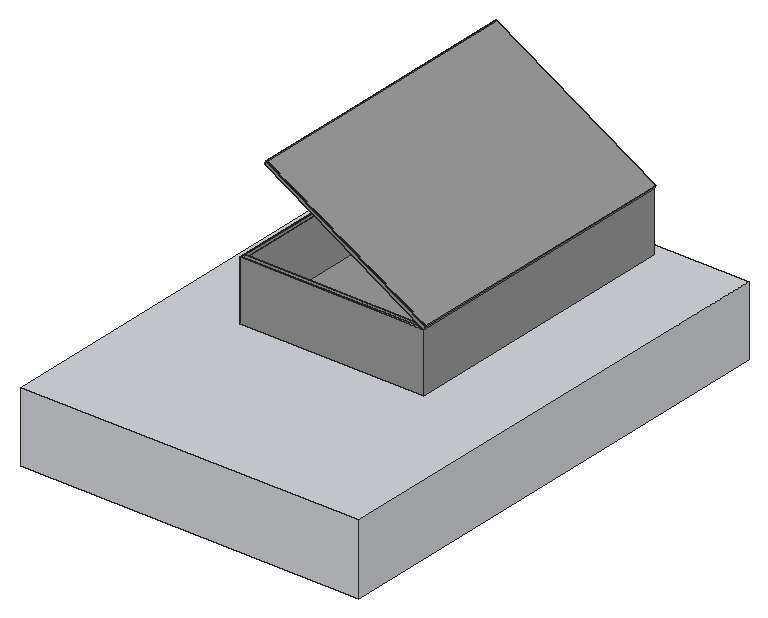
Revit family "Hager-Univers-IP55-D275-H1250-Cl.I-Steel_encl-DE-de", category Equipement électrique, Revit 2020
Family settings
  Hôte = Face
  Configuration du panneau = Deux colonnes, circuits au sein
  Cote de connecteur circulaire = Utiliser le diamètre
  Type d'élément = Tableau de raccordement
  Couper avec des vides une fois chargée = Non
  Partagée = Non
  Point de calcul de pièce = Non
Parameters (values of type "Aufputz IP55 B800 H1250 T275  - FR83E")
  Width Control [instance] = if([EF000008 - Breite] > Min Width, [EF000008 - Breite], Min Width)  # 800 mm
  Commentaires du type = [HG000003 - Bereich]  # "Univers"
  Thickness Door [instance] = if([EF009171 - Materialstärke Tür/Deckel] > 3 mm, 3 mm, [EF009171 - Materialstärke Tür/Deckel])  # 1.5 mm
  Seal Frame Offset [instance] = 17 mm  # constant formula
  Plinth Visibility [instance] = [HG000027 - Sockelhöhe] > 0 mm  # no
  Model = ""
  Min Width [instance] = 100 mm  # constant formula
  Min Height [instance] = 100 mm  # constant formula
  Min Depth [instance] = (2 * [EF009170 - Materialstärke Gehäuse]) + 1 mm  # 4 mm
  Internal Frame Depth [instance] = (Door System Depth * 0.5)  # 9 mm
  Height Control [instance] = if([EF000040 - Höhe] > Min Height, [EF000040 - Höhe], Min Height)  # 1250 mm
  HG000027 - Sockelhöhe = 0 mm
  HG000026 - Stehend auf dem Boden = no
  HG000024 - Höhe des unteren Teils = 800 mm
  HG000023 - Gehäuse mit doppeltem Querschnitt = no
  HG000016 - 3D-Türsichtbarkeit [instance] = yes
  HG000015 - Sichtbarkeit der Türöffnung [instance] = no
  HG000014 - Tür rechts [instance] = yes
  HG000013 - Tür links [instance] = not([HG000014 - Tür rechts])  # no
  HG000012 - Türschwenkwinkel [instance] = 30.00°
  HG000010 - Asymmetrische Türen = no
  HG000009 - Doppelflügeligen Tür = no
  HG000006 - Unterputz = no
  HG000004 - Herstellerreferenz = "FR83E"
  HG000003 - Bereich = "Univers"
  HG000002 - Mit tür = yes
  Frame Offset Bottom [instance] = 10 mm  # constant formula
  Frame Offset [instance] = 15 mm  # constant formula
  EF015940 - Deckel mit Überdruckentlastung = no
  EF011959 - Schutzart (NEMA) = ""
  EF009554 - Anzahl der Öffnungen für Flanschplatten = 6
  Fabricant = "Hager"  # constant formula
  EF009212 - Ausführung Deckel = "EV000116 - geschlossen"
  EF009171 - Materialstärke Tür/Deckel = 1.5 mm
  EF009170 - Materialstärke Gehäuse = 1.5 mm
  EF008873 - Nennstrom (In) = 800 A
  EF007800 - Geeignet für Blitzschutz = no
  EF006306 - Mit Schloss = no
  EF006244 - Transparenter Deckel/Tür = no
  EF005474 - Schutzart (IP) = "EV006420 - IP55"
  EF004464 - Art der Tür = "EV002646 - Einzel"
  EF004427 - Anzahl der Module = 288
  EF004293 - Schlagfestigkeit = "EV008784 - IK10"
  EF003532 - Geeignet für Außengebrauch = no
  EF002950 - Breite in Teilungseinheiten = 24
  EF001613 - Funktionserhalt = "EV000494 - ohne"
  EF001596 - Werkstoff des Gehäuses = "EV000179 - Stahl"
  EF001131 - Innentiefe = 275 mm
  EF001088 - Anbaumöglichkeit = yes
  EF000437 - Anzahl der Leitungseinführungen = 6
  EF000339 - Art der Abdeckung = "EV004216 - Tür"
  EF000266 - Anzahl der Reihen = 8
  EF000218 - Einbautiefe = 0 mm
  EF000118 - Mit Montageplatte = no
  EF000116 - RAL-Nummer = "7035"
  EF000049 - Tiefe = 275 mm
  EF000040 - Höhe = 1250 mm
  EF000008 - Breite = 800 mm
  EF000007 - Farbe = "EV000270 - grau"
  EF000003 - Montageart = "EV000384 - Aufputz"
  Door System Leaf Tolerance [instance] = 1.5 mm  # constant formula
  Door System Depth [instance] = 18 mm  # constant formula
  Door Height [instance] = Height Control - [HG000027 - Sockelhöhe]  # 1250 mm
  Depth Control [instance] = if([EF000049 - Tiefe] > Min Depth, [EF000049 - Tiefe], Min Depth)  # 275 mm
  Default Elevation = 0 mm
  Connector Offset [instance] = Height Control / 2  # 625 mm
  Bottom Top Plate Trim [instance] = 1.5 mm  # constant formula
  Plinth height Ctrl [instance] = if([HG000027 - Sockelhöhe] > 0 mm, [HG000027 - Sockelhöhe], 12 mm)  # 12 mm
Types (5, lengths in mm): name | Width Control | HG000010 - Asymmetrische Türen | HG000009 - Doppelflügeligen Tür | HG000004 - Herstellerreferenz | EF009554 - Anzahl der Öffnungen für Flanschplatten | EF004464 - Art der Tür | EF004427 - Anzahl der Module | EF000437 - Anzahl der Leitungseinführungen | EF000008 - Breite
  Aufputz IP55 B1050 H1250 T275  - FR84E | 1050 | no | yes | "FR84E" | 8 | "EV003602 - Doppel" | 384 | 8 | 1050
  Aufputz IP55 B1300 H1250 T275  - FR85E | 1300 | yes | yes | "FR85E" | 10 | "EV003602 - Doppel" | 480 | 10 | 1300
  Aufputz IP55 B300 H1250 T275  - FR81E | 300 | no | no | "FR81E" | 2 | "EV002646 - Einzel" | 96 | 2 | 300
  Aufputz IP55 B550 H1250 T275  - FR82E | 550 | no | no | "FR82E" | 4 | "EV002646 - Einzel" | 192 | 4 | 550
  Aufputz IP55 B800 H1250 T275  - FR83E | 800 | no | no | "FR83E" | 6 | "EV002646 - Einzel" | 288 | 6 | 800
Reference planes
  plane 1 "Center (Front/Back)": y = 0
  plane 2: z = 0
  plane 3 "Center (Left/Right)": x = 0
  plane 4: z = 275
  plane 5: y = 1.5
  plane 6: y = 625
  plane 7: y = 0
  plane 8: y = 1250
  plane 9: z = 0
  plane 10: x = -385
  plane 11: x = 385
  plane 12: x = 383.5
  plane 13: x = -383.5
  plane 14: y = 1248.5
  plane 15: x = -383
  plane 16: x = -400
  plane 17: x = 383
  plane 18: x = 400
  plane 19: x = 398.5
  plane 20: x = -398.5
  plane 21: y = 11.5
  plane 22: y = 1250
  plane 23: y = 1233.5
  plane 24: z = 257
  plane 25: z = 1.5
  plane 26: z = 255.5
  plane 27: z = 273.5
Forms (mm)
  Extrusion 1, solid
    sketch origin (0, 0, 0) x (1, 0, 0) y (0, 1, 0)
      loop
        line (-702.964, 1305) -> (-702.964, -811.445) -> (766.763, -811.445) -> (766.763, 1305) -> (-702.964, 1305)
    from 0 to -304.8
  Extrusion 2, solid, material "Hager_Steel_RAL7035_Light_Grey", visible <- "Plinth Visibility", detail levels medium+fine
    sketch origin (0, 0, 0) x (1, 0, 0) y (0, 1, 0)
      loop
        line (-400, 0) -> (400, 0) -> (400, 12) -> (-400, 12) -> (-400, 0)
    from 0 to 257
  Extrusion 3, solid, material "Hager_Steel_RAL7035_Light_Grey", detail levels medium+fine
    sketch origin (0, 0, 0) x (1, 0, 0) y (0, 1, 0)
      loop
        line (-400, 0) -> (400, 0) -> (400, 1250) -> (-400, 1250) -> (-400, 0)
    from 0 to 257
  Extrusion 4, void
    sketch origin (0, 0, 0) x (1, 0, 0) y (0, 1, 0)
      loop
        line (-398.5, 1.5) -> (398.5, 1.5) -> (398.5, 1248.5) -> (-398.5, 1248.5) -> (-398.5, 1.5)
    from 1.5 to 255.5
  Extrusion 5, void
    sketch origin (-381.607, -4572, 257) x (0, -1, 0) y (-1, 0, 0)
      loop
        line (-4583.5, 1.893) -> (-5805.5, 1.893) -> (-5805.5, -765.107) -> (-4583.5, -765.107) -> (-4583.5, 1.893)
    from 0 to 1.5 <- "EF009170 - Materialstärke Gehäuse"
  Extrusion 6, solid, material "Hager_Steel_RAL7035_Light_Grey", detail levels fine
    sketch origin (0, 0, 257) x (1, 0, 0) y (0, 1, 0)
      loop
        line (-383.5, 1233.5) -> (-383.5, 11.5) -> (383.5, 11.5) -> (383.5, 1233.5) -> (-383.5, 1233.5)
      loop
        line (-385, 10) -> (385, 10) -> (385, 1235) -> (-385, 1235) -> (-385, 10)
    from 0 to 9 <- "Internal Frame Depth"
  Extrusion 7, solid, material "Hager_Steel_RAL7035_Light_Grey", detail levels coarse
    sketch origin (0, 0, 0) x (1, 0, 0) y (0, 1, 0)
      loop
        line (-400, 0) -> (400, 0) -> (400, 1250) -> (-400, 1250) -> (-400, 0)
    from 0 to 275
  Sweep 8, void
    path in 3D
      loop
        line (-400, 12, 0) -> (400, 12, 0) -> (400, 12, 257) -> (-400, 12, 257) -> (-400, 12, 0)
    profile origin (-400, 12, 128.5) x (-1, 0, 0) y (0, -1, 0)
      loop
        line (0, 0) -> (0, 1.5) -> (-1.5, 1.5)
        arc (-1.5, 1.5) -> (-1.061, 0.439) -> (0, 0) r 1.5
Cuts and joins
  Extrusion 4, Extrusion 5 cuts Extrusion 3
  Sweep 8 cuts Extrusion 2
Lines and regions (mm)
  Masking region 1
    outline origin (0, 0, 0) x (1, 0, 0) y (0, 0, 1)
      loop
        line (-400, 275) -> (-400, 0) -> (400, 0) -> (400, 275) -> (-400, 275)
  Masking region 2, detail levels medium+fine
    outline origin (0, 140, 0) x (0, 1, 0) y (0, 0, 1)
      loop
        line (-140, 0) -> (1110, 0) -> (1110, 257) -> (-140, 257) -> (-140, 0)
  Masking region 3, not visible, detail levels medium+fine
    outline origin (0, 297.922, 0) x (0, 1, 0) y (0, 0, 1)
      loop
        line (338.578, 0) -> (378.578, 0) -> (378.578, 263.5)
        arc (378.578, 263.5) -> (375.649, 270.571) -> (368.578, 273.5) r 10
        line (368.578, 273.5) -> (338.578, 273.5) -> (338.578, 0)
  Masking region 4, detail levels coarse
    outline origin (0, 0, 180) x (0, 1, 0) y (0, 0, 1)
      loop
        line (0, -180) -> (1250, -180) -> (1250, 95) -> (0, 95) -> (0, -180)
  Masking region 5, visible <- "Plinth Visibility", detail levels medium+fine
    outline origin (0, 52.24, 12.345) x (0, 0, -1) y (0, 1, 0)
      loop
        line (10.845, -40.24) -> (-243.155, -40.24)
        arc (-243.155, -40.24) -> (-243.594, -41.301) -> (-244.655, -41.74) r 1.5
        line (-244.655, -41.74) -> (-244.655, -52.24) -> (12.345, -52.24) -> (12.345, -41.74)
        arc (12.345, -41.74) -> (11.285, -41.301) -> (10.845, -40.24) r 1.5
  Masking region 6, detail levels medium+fine
    outline origin (-381.607, -4572, 257) x (-1, 0, 0) y (0, -1, 0)
      loop
        line (18.393, -5822) -> (18.393, -4572) -> (-781.607, -4572) -> (-781.607, -5822) -> (18.393, -5822)
  Masking region 7, visible <- "Plinth Visibility", detail levels medium+fine
    outline origin (-381.607, -4727, 257) x (-1, 0, 0) y (0, -1, 0)
      loop
        arc (16.893, -4739) -> (17.332, -4737.939) -> (18.393, -4737.5) r 1.5
        line (18.393, -4737.5) -> (18.393, -4727) -> (-781.607, -4727) -> (-781.607, -4737.5)
        arc (-781.607, -4737.5) -> (-780.546, -4737.939) -> (-780.107, -4739) r 1.5
        line (-780.107, -4739) -> (16.893, -4739)
  Masking region 8, detail levels coarse
    outline origin (-442.548, -4669.526, 257) x (-1, 0, 0) y (0, -1, 0)
      loop
        line (-42.548, -5919.526) -> (-42.548, -4669.526) -> (-842.548, -4669.526) -> (-842.548, -5919.526) -> (-42.548, -5919.526)
  sketch lines
    curve 1: line (-400, 12, 257) -> (-400, 12, 0)
    curve 2: line (400, 12, 257) -> (-400, 12, 257)
    curve 3: line (400, 12, 257) -> (400, 12, 0)
    curve 4: line (-400, 12, 0) -> (400, 12, 0)
Dimensions and locks
  "Depth Control": plane 4 to Extrusion 1
  "HG000027 - Sockelhöhe": plane 1 "Center (Front/Back)" to plane 7
  "EF009170 - Materialstärke Gehäuse": plane 5 to plane 7
  locked: connector elem to plane 3 "Center (Left/Right)"
  equal spacing: plane 8, plane 6, plane 7
  locked: connector elem to plane 6
  "EF009170 - Materialstärke Gehäuse": plane 8 to plane 14
  "EF009170 - Materialstärke Gehäuse": plane 10 to plane 13
  "EF009170 - Materialstärke Gehäuse": plane 12 to plane 11
  "Frame Offset": plane 20 to plane 13
  "Frame Offset": plane 12 to plane 19
  "EF009170 - Materialstärke Gehäuse": plane 16 to plane 20
  "EF009170 - Materialstärke Gehäuse": plane 19 to plane 18
  "Seal Frame Offset": plane 16 to plane 15
  "Seal Frame Offset": plane 17 to plane 18
  "Frame Offset Bottom": plane 21 to plane 5
  "Frame Offset": plane 14 to plane 23
  equal spacing: plane 16, plane 3 "Center (Left/Right)", plane 18
  "Width Control": plane 16 to plane 18
  "EF009170 - Materialstärke Gehäuse": plane 4 to plane 27
  "EF009170 - Materialstärke Gehäuse": plane 24 to plane 26
  "EF009170 - Materialstärke Gehäuse": plane 25 to level
  "Door System Depth": plane 4 to plane 24
  "Height Control": plane 1 "Center (Front/Back)" to Extrusion 7 sketch curve
  "Height Control": Masking region 4 sketch curve to plane 1 "Center (Front/Back)"
  "Height Control": plane 1 "Center (Front/Back)" to plane 22
  "Bottom Top Plate Trim": profile plane to Sweep 8 sketch curve
  "Bottom Top Plate Trim": Sweep 8 sketch curve to profile plane
  "Plinth height Ctrl": plane 1 "Center (Front/Back)" to Extrusion 2 sketch curve
  "Plinth height Ctrl": Masking region 5 sketch curve to plane 1 "Center (Front/Back)"
  "Plinth height Ctrl": plane 1 "Center (Front/Back)" to Masking region 7 sketch curve
  "Thickness Door": Extrusion 6 sketch curve to Extrusion 6 sketch curve  (x3)
  "Thickness Door": cut or joined group of Extrusion 3, Extrusion 4, Extrusion 5 to Extrusion 6 sketch curve
  radius of Masking region 3 sketch curve = 10 mm
  "Bottom Top Plate Trim": radius of Masking region 5 sketch curve  (x2)
  "Bottom Top Plate Trim": radius of Sweep 8 sketch curve
  "Bottom Top Plate Trim": radius of Masking region 7 sketch curve  (x2)
  aligned and locked: plane 2 to Extrusion 1
  aligned and locked: level to Extrusion 1
  aligned and locked: level to Masking region 1 sketch curve
  aligned and locked: Masking region 1 sketch curve to plane 18
  aligned and locked: Masking region 1 sketch curve to plane 16
  aligned and locked: plane 7 to Masking region 2 sketch curve
  aligned and locked: level to Masking region 3 sketch curve
  aligned and locked: Masking region 3 sketch curve to plane 27
  aligned and locked: level to Masking region 2 sketch curve
  aligned and locked: plane 1 "Center (Front/Back)" to Extrusion 2 sketch curve
  aligned and locked: Extrusion 3 sketch curve to plane 7
  aligned and locked: plane 16 to Extrusion 3 sketch curve
  aligned and locked: plane 18 to Extrusion 3 sketch curve
  aligned and locked: plane 20 to Extrusion 4 sketch curve
  aligned and locked: plane 19 to Extrusion 4 sketch curve
  aligned and locked: Extrusion 4 sketch curve to plane 5
  aligned and locked: Extrusion 4 to plane 25
  aligned and locked: plane 26 to Extrusion 4
  aligned and locked: plane 24 to Extrusion 3
  aligned and locked: Extrusion 5 sketch curve to plane 21
  aligned and locked: Extrusion 5 sketch curve to plane 13
  aligned and locked: Extrusion 5 sketch curve to plane 12
  aligned and locked: plane 18 to Extrusion 7 sketch curve
  aligned and locked: plane 1 "Center (Front/Back)" to Extrusion 7 sketch curve
  aligned and locked: plane 16 to Extrusion 7 sketch curve
  aligned and locked: plane 4 to Extrusion 7
  aligned and locked: Extrusion 7 to level
  aligned and locked: level to Masking region 4 sketch curve
  aligned and locked: Masking region 4 sketch curve to plane 1 "Center (Front/Back)"
  aligned and locked: Masking region 4 sketch curve to plane 4
  aligned and locked: nested 1 to level
  aligned and locked: nested 1 to plane 16
  aligned and locked: plane 8 to Extrusion 3 sketch curve
  aligned and locked: plane 23 to Extrusion 5 sketch curve
  aligned and locked: plane 14 to Extrusion 4 sketch curve
  aligned and locked: Masking region 2 sketch curve to plane 8
  aligned and locked: level to Masking region 5 sketch curve
  aligned and locked: plane 16 to Extrusion 2 sketch curve
  aligned and locked: plane 18 to Extrusion 2 sketch curve
  aligned and locked: Masking region 5 sketch curve to plane 24
  aligned and locked: Masking region 2 sketch curve to plane 24
  aligned and locked: plane 24 to Extrusion 2
  aligned and locked: profile plane to Sweep 8 sketch curve  (x2)
  aligned and locked: Masking region 6 sketch curve to plane 18
  aligned and locked: Masking region 6 sketch curve to plane 22
  aligned and locked: Masking region 6 sketch curve to plane 16
  aligned and locked: plane 8 to plane 22
  aligned and locked: Masking region 6 sketch curve to plane 7
  aligned and locked: Masking region 7 sketch curve to plane 16
  aligned and locked: Masking region 7 sketch curve to plane 1 "Center (Front/Back)"
  aligned and locked: Masking region 7 sketch curve to plane 18
  aligned and locked: Masking region 8 sketch curve to plane 1 "Center (Front/Back)"
  aligned and locked: Masking region 8 sketch curve to plane 18
  aligned and locked: Masking region 8 sketch curve to plane 22
  aligned and locked: Masking region 8 sketch curve to plane 16
  aligned and locked: nested 2 to plane 7
  aligned and locked: plane 3 "Center (Left/Right)" to nested 2
  aligned and locked: nested 2 to plane 24
  aligned and locked: Extrusion 6 sketch curve to cut or joined group of Extrusion 3, Extrusion 4, Extrusion 5  (x4)
Automatic sketch dimensions
  Extrusion 1 sketch curve to Extrusion 1 sketch curve = 1469.727 mm
  Extrusion 1 sketch curve to Extrusion 1 sketch curve = 2116.445 mm
  Masking region 1 sketch curve to plane 4 = 0 mm
  plane 6 to Masking region 3 sketch curve = 11.5 mm
  Masking region 3 sketch curve to Masking region 3 sketch curve = 30 mm
  Masking region 5 sketch curve to plane 1 "Center (Front/Back)" = 0 mm
Nested families
  nested 1: "Hager_Enclosure_Symbol" at (-400, 0, 0) x (1, 0, 0) z (0, -1, 0), Height <- "Depth Control", Width <- "Width Control", type "Hager_Enclosure_Symbol"
    with Width_Ctrl 800 mm, Width 800 mm, Height_Ctrl 275 mm, Height 275 mm, A_Width_Int 18.047 mm, A_Width 216.562 mm, A_Height_Ctrl 240.625 mm, A_Height 240.625 mm
  nested 2: "EC000058_Univers_Door" at (0, 0, 257) x (1, 0, 0) z (0, 1, 0), Leaf_Tolerance <- "Door System Leaf Tolerance", Angle <- "HG000012 - Türschwenkwinkel", Door_Depth <- "Door System Depth", Door_Left <- "HG000013 - Tür links", Transparent <- "EF006244 - Transparenter Deckel/Tür", Assymetrical <- "HG000010 - Asymmetrische Türen", Width <- "Width Control", Clearance <- "HG000015 - Sichtbarkeit der Türöffnung", Double <- "HG000009 - Doppelflügeligen Tür", 3d_Door <- "HG000016 - 3D-Türsichtbarkeit", Lock_Visibility <- "EF006306 - Mit Schloss", Width_Ctrl <- "Width Control", Door_Right <- "HG000014 - Tür rechts", Door <- "HG000002 - Mit tür", Height <- "Door Height", Thickness <- "Thickness Door", type "EC000058_Univers_Door", detail levels medium+fine
    with min_wh 4 mm, Width_Ctrl 800 mm, Width 800 mm, Transparent no, Thickness 1.5 mm, Seal_Material Hager_Rubber, Lock_Visibility no, Lock_Material Hager_Plastic_RAL9005_Jet_Black, Leaf_Width 800 mm, Leaf_Tolerance_External_Sides 0 mm, Leaf_Tolerance 1.5 mm, Leaf_Offset 0 mm, Leaf_Height 1247 mm, Leaf_2_Width 800 mm, Leaf_2_Offset 400 mm, Leaf_1_Width 800 mm, Leaf_1_Offset 400 mm, Height_Ctrl 1250 mm, Height 1250 mm, Glass_Material Hager_Glass, Double_Clearance_Ctrl no, Double no, Door_Right_Ctrl yes, Door_Right yes, Door_Material Hager_Steel_RAL7035_Light_Grey, Door_Left_Ctrl no, Door_Left no, Door_Depth 18 mm, Door yes, Clearance_Material Hager_Clearance, Clearance_Depth 800 mm, Clearance_Ctrl no, Clearance no, Assymetrical no, Angle 30.00°, 3d_Door yes
Connectors
  electrical at (0, 625, 0)
    settings: on plane 9, index 1, voltage 0 V, apparent load 0 VA, apparent load phase1 0 VA, apparent load phase2 0 VA, apparent load phase3 0 VA, power factor 1, load classification "Other", number of poles 1, system type 30, power factor state 1, is connector primary yes, connector utility no, sub classification motor no, connector description ""
Definition of nested family "EC000058_Univers_Door"
  Parameters (values of type "EC000058_Univers_Door")
    min_wh [instance] = (2 * Thickness) + 1 mm  # 11 mm
    Width_Ctrl [instance] = 400 mm
    Width [instance] = 500 mm
    Transparent [instance] = yes
    Thickness [instance] = 5 mm
    Seal_Material [instance] = none
    Lock_Visibility [instance] = yes
    Lock_Material [instance] = none
    Leaf_Width [instance] = if((Width_Ctrl - 2 * Leaf_Tolerance_External_Sides) > 0 mm, (Width_Ctrl - 2 * Leaf_Tolerance_External_Sides), min_wh)  # 400 mm
    Leaf_Tolerance_External_Sides [instance] = 0 mm  # constant formula
    Leaf_Tolerance [instance] = 1.5 mm
    Leaf_Offset [instance] = 0 mm  # constant formula
    Leaf_Height [instance] = if((Height_Ctrl - 2 * Leaf_Tolerance) > 0 mm, (Height_Ctrl - 2 * Leaf_Tolerance), min_wh)  # 497 mm
    Leaf_2_Width [instance] = if(and(and(Double, Assymetrical), Door_Left), (Leaf_Width / 3) - (Leaf_Tolerance / 2), if(and(and(Double, Assymetrical), Door_Right), (Leaf_Width / 3) * 2 - (Leaf_Tolerance / 2), if(and(Double, not(Assymetrical)), (Leaf_Width / 2) - Leaf_Tolerance, Leaf_Width)))  # 400 mm
    Leaf_2_Offset [instance] = if(and(Double, Assymetrical), Leaf_2_Width / 2, if(and(Double, not(Assymetrical)), Leaf_Width / 4, Leaf_Width / 2))  # 200 mm
    Leaf_1_Width [instance] = if(and(and(Double, Assymetrical), Door_Right), (Leaf_Width / 3) - (Leaf_Tolerance / 2), if(and(and(Double, Assymetrical), Door_Left), (Width / 3) * 2 - (Leaf_Tolerance / 2), if(and(Double, not(Assymetrical)), (Leaf_Width / 2) - Leaf_Tolerance, Leaf_Width)))  # 400 mm
    Leaf_1_Offset [instance] = if(and(Double, Assymetrical), Leaf_1_Width / 2, if(and(Double, not(Assymetrical)), Leaf_Width / 4, Leaf_Width / 2))  # 200 mm
    Height_Ctrl [instance] = if(Height > min_wh, Height, min_wh)  # 500 mm
    Height [instance] = 500 mm
    Glass_Material [instance] = none
    Double_Clearance_Ctrl [instance] = and(Double, Clearance)  # no
    Double [instance] = no
    Door_Right_Ctrl [instance] = and(or(Door_Right, Double), Door)  # yes
    Door_Right [instance] = yes
    Door_Material [instance] = none
    Door_Left_Ctrl [instance] = and(or(Door_Left, Double), Door)  # no
    Door_Left [instance] = no
    Door_Depth [instance] = 30 mm
    Door [instance] = yes
    Default Elevation = 1219.2 mm
    Clearance_Material [instance] = none
    Clearance_Depth [instance] = if(Leaf_1_Width > Leaf_2_Width, Leaf_1_Width, Leaf_2_Width)  # 400 mm
    Clearance_Ctrl [instance] = and(not(Double), Clearance)  # yes
    Clearance [instance] = yes
    Assymetrical [instance] = yes
    Angle [instance] = 30.00°
    3d_Door [instance] = yes
  Reference planes
    plane 1 "Center (Front/Back)": y = 0
    plane 2 "Bottom": z = 0
    plane 3 "Center (Left/Right)": x = 0
    plane 4: z = 500
    plane 5: x = -200
    plane 6: x = 200
    plane 7: z = 500
    plane 8: x = -200
    plane 9: z = 0
    plane 10: x = 200
    plane 11: y = 0
    plane 12: z = 1.5
    plane 13: x = -600
    plane 14: y = -400
    plane 15: x = 600
    plane 16: x = 0
    plane 17: x = 0
    plane 18: x = -200
    plane 19: x = 200
    plane 20: z = 498.5
  Forms (mm)
    Extrusion 1, solid, material <- "Clearance_Material", visible <- "Double_Clearance_Ctrl"
      sketch origin (1200, 0, 0) x (1, 0, 0) y (0, 0, -1)
        loop
          line (-1800, -498.5) -> (-600, -498.5) -> (-600, 0) -> (-1800, 0) -> (-1800, -498.5)
      from 0 to -400
  Dimensions and locks
    equal spacing: plane 5, plane 3 "Center (Left/Right)", plane 6
    "Width_Ctrl": plane 5 to plane 6
    "Leaf_Offset": plane 5 to plane 8
    "Leaf_Offset": plane 6 to plane 10
    "Leaf_Offset": plane 9 to level
    "Leaf_Offset": plane 4 to plane 7
    "Height_Ctrl": plane 4 to level
    "Leaf_Tolerance": plane 12 to plane 9
    locked: plane 11 to plane 1 "Center (Front/Back)"
    "Leaf_1_Offset": plane 18 to plane 16
    "Leaf_2_Offset": plane 17 to plane 19
    "Leaf_1_Width": plane 13 to plane 8
    "Leaf_2_Width": plane 10 to plane 15
    "Clearance_Depth": plane 14 to plane 1 "Center (Front/Back)"
    "Leaf_Tolerance_External_Sides": plane 8 to plane 18
    "Leaf_Tolerance_External_Sides": plane 19 to plane 10
    "Leaf_Tolerance": plane 7 to plane 20
    aligned and locked: level to plane 2 "Bottom"
    aligned and locked: nested 1 to plane 16
    aligned and locked: nested 2 to plane 17
    aligned and locked: Extrusion 1 to plane 13
    aligned and locked: plane 15 to Extrusion 1
    aligned and locked: Extrusion 1 to plane 14
    aligned and locked: plane 12 to nested 1
    aligned and locked: nested 2 to plane 12
    aligned and locked: Extrusion 1 to plane 11
    aligned and locked: plane 20 to Extrusion 1
    aligned and locked: nested 2 to plane 11
    aligned and locked: nested 1 to plane 11
  Automatic sketch dimensions
    Extrusion 1 sketch curve to level = 0 mm
    plane 5 to Extrusion 1 sketch curve = 400 mm
    plane 6 to Extrusion 1 sketch curve = 400 mm
    Extrusion 1 sketch curve to plane 4 = 1.5 mm
  Nested families
    nested 1: "EC000058_Univers_Door_Leaf" at (0, 0, 1.5), Width <- "Leaf_1_Width", visible <- "Door_Left_Ctrl", Leaf_Height <- "Leaf_Height", Angle <- "Angle", 3d_Door <- "3d_Door", Transparent <- "Transparent", Clearance Material <- "Clearance_Material", Clearance <- "Clearance_Ctrl", Door_Material <- "Door_Material", Glass_Material <- "Glass_Material", Door_Depth <- "Door_Depth", Lock_Material <- "Lock_Material", Seal_Material <- "Seal_Material", Lock_Visibility <- "Lock_Visibility", Thickness <- "Thickness", type "EC000058_Univers_Door_Leaf"
      with Width 400 mm, Transparent_Glass_Offset 30 mm, Transparent_Ctrl yes, Transparent yes, Thickness 5 mm, Standard no, Seal_Material none, Seal_D2 8 mm, Seal_D1 1 mm, Offset_Internal_Frame 10 mm, Lock_Width 20 mm, Lock_Visibility_3d yes, Lock_Visibility yes, Lock_Thickness_3 3 mm, Lock_Thickness_2 1 mm, Lock_Thickness_1 3 mm, Lock_Radius_Offset_2 16 mm, Lock_Radius_Offset_1 15 mm, Lock_Radius_2 5 mm, Lock_Radius 6 mm, Lock_Offset 5 mm, Lock_Material none, Lock_Height 80 mm, Lock_Cover_Top_Offset_2d 17 mm, Lock_Cover_Height -65 mm, Leaf_Height 497 mm, Internal_Seal_Thickness 8 mm, Internal_Seal_Depth_2 4.5 mm, Internal_Frame_Depth 25 mm, Glass_Thickness -1 mm, Glass_Offset -2 mm, Glass_Material none, Door_Material none, Door_Depth 30 mm, Clearance Material none, Clearance yes, Angle_Ctrl 30.00°, Angle 30.00°, 3d_Door yes
    nested 2: "EC000058_Univers_Door_Leaf" at (0, 0, 1.5) x (-1, 0, 0) z (0, 0, 1), Width <- "Leaf_2_Width", visible <- "Door_Right_Ctrl", Leaf_Height <- "Leaf_Height", Angle <- "Angle", 3d_Door <- "3d_Door", Transparent <- "Transparent", Clearance Material <- "Clearance_Material", Clearance <- "Clearance_Ctrl", Door_Material <- "Door_Material", Glass_Material <- "Glass_Material", Door_Depth <- "Door_Depth", Lock_Material <- "Lock_Material", Seal_Material <- "Seal_Material", Lock_Visibility <- "Lock_Visibility", Thickness <- "Thickness", type "EC000058_Univers_Door_Leaf"
      with Width 400 mm, Transparent_Glass_Offset 30 mm, Transparent_Ctrl yes, Transparent yes, Thickness 5 mm, Standard no, Seal_Material none, Seal_D2 8 mm, Seal_D1 1 mm, Offset_Internal_Frame 10 mm, Lock_Width 20 mm, Lock_Visibility_3d yes, Lock_Visibility yes, Lock_Thickness_3 3 mm, Lock_Thickness_2 1 mm, Lock_Thickness_1 3 mm, Lock_Radius_Offset_2 16 mm, Lock_Radius_Offset_1 15 mm, Lock_Radius_2 5 mm, Lock_Radius 6 mm, Lock_Offset 5 mm, Lock_Material none, Lock_Height 80 mm, Lock_Cover_Top_Offset_2d 17 mm, Lock_Cover_Height -65 mm, Leaf_Height 497 mm, Internal_Seal_Thickness 8 mm, Internal_Seal_Depth_2 4.5 mm, Internal_Frame_Depth 25 mm, Glass_Thickness -1 mm, Glass_Offset -2 mm, Glass_Material none, Door_Material none, Door_Depth 30 mm, Clearance Material none, Clearance yes, Angle_Ctrl 30.00°, Angle 30.00°, 3d_Door yes
  Definition of nested family "EC000058_Univers_Door_Leaf"
    Parameters (values of type "EC000058_Univers_Door_Leaf")
      Width [instance] = 2000 mm
      Transparent_Glass_Offset [instance] = 30 mm
      Transparent_Ctrl [instance] = and(Transparent, [3d_Door])  # yes
      Transparent [instance] = yes
      Thickness [instance] = 5 mm
      Standard [instance] = and(not(Transparent), [3d_Door])  # no
      Seal_Material [instance] = none
      Seal_D2 [instance] = 8 mm  # constant formula
      Seal_D1 [instance] = 1 mm  # constant formula
      Offset_Internal_Frame [instance] = 10 mm  # constant formula
      Lock_Width [instance] = 20 mm  # constant formula
      Lock_Visibility_3d [instance] = and(Lock_Visibility, [3d_Door])  # yes
      Lock_Visibility [instance] = yes
      Lock_Thickness_3 [instance] = 3 mm  # constant formula
      Lock_Thickness_2 [instance] = 1 mm  # constant formula
      Lock_Thickness_1 [instance] = 3 mm  # constant formula
      Lock_Radius_Offset_2 [instance] = Lock_Radius_Offset_1 + 1 mm  # 16 mm
      Lock_Radius_Offset_1 [instance] = 15 mm  # constant formula
      Lock_Radius_2 [instance] = Lock_Radius - 1 mm  # 5 mm
      Lock_Radius [instance] = 6 mm  # constant formula
      Lock_Offset [instance] = 5 mm  # constant formula
      Lock_Material [instance] = none
      Lock_Height [instance] = 80 mm  # constant formula
      Lock_Cover_Top_Offset_2d [instance] = Lock_Radius_Offset_2 + 1 mm  # 17 mm
      Lock_Cover_Height [instance] = -(Lock_Height - Lock_Radius_Offset_1)  # -65 mm
      Leaf_Height [instance] = 2720.336 mm
      Internal_Seal_Thickness [instance] = 8 mm  # constant formula
      Internal_Seal_Depth_2 [instance] = 4.5 mm  # constant formula
      Internal_Frame_Depth [instance] = if(Door_Depth - Thickness > 5 mm, Door_Depth - Thickness, 5 mm)  # 25 mm
      Glass_Thickness [instance] = if(Thickness > 15 mm, Glass_Offset + 10 mm, -1 mm)  # -1 mm
      Glass_Offset [instance] = if(Thickness > 15 mm, -(Thickness + 10 mm) / 2, -2 mm)  # -2 mm
      Glass_Material [instance] = none
      Door_Material [instance] = none
      Door_Depth [instance] = 30 mm
      Default Elevation = 0 mm
      Clearance Material [instance] = none
      Clearance [instance] = yes
      Angle_Ctrl [instance] = if(Angle > 180.00°, 180.00°, Angle)  # 90.00°
      Angle [instance] = 90.00°
      3d_Door [instance] = yes
    Reference planes
      plane 1 "Center (Front/Back)": y = 0
      plane 2: z = 0
      plane 3 "Center (Left/Right)": x = 0
      plane 4: y = 2000
      plane 5: x = -1000
      plane 6: x = 1000
      plane 7: x = -3000
      plane 8: z = 2720.336
      plane 9: z = 30
      plane 10: z = 2690.336
      plane 11: x = 970
      plane 12: x = -970
      plane 13: y = -3
      plane 14: z = 107.833
      plane 15: y = -5
      plane 16: y = -223.314
      plane 17: x = -1000
      plane 18: z = 1360.168
      plane 19: y = 30
    Forms (mm)
      Extrusion 1, solid, material <- "Clearance Material", visible <- "Clearance"
        sketch origin (0, 0, 0) x (1, 0, 0) y (0, 0, 1)
          loop
            line (-3000, 2720.336) -> (-3000, 0) -> (1000, 0) -> (1000, 2720.336) -> (-3000, 2720.336)
        from 0 to -2000
      Extrusion 2, solid, material <- "Door_Material", visible <- "Standard", detail levels medium+fine
        sketch origin (-1000, 0, 0) x (0, 1, 0) y (-1, 0, 0)
          loop
            line (0, 30) -> (0, 25) -> (2000, 25) -> (2000, 30) -> (0, 30)
        from 0 to 2720.336 <- "Leaf_Height"
      Extrusion 3, solid, material <- "Door_Material", visible <- "Transparent_Ctrl", detail levels medium+fine
        sketch origin (-1000, 0, 0) x (0, 1, 0) y (-1, 0, 0)
          loop
            line (0, 25) -> (2000, 25) -> (2000, 30) -> (0, 30) -> (0, 25)
        from 0 to 2720.336 <- "Leaf_Height"
      Extrusion 4, void
        sketch origin (-1025, 2000, 0) x (0, 1, 0) y (0, 0, -1)
          loop
            line (-30, -2690.336) -> (-30, -30) -> (-1970, -30) -> (-1970, -2690.336) -> (-30, -2690.336)
        from 0 to 5 <- "Thickness"
      Sweep 5, solid, material <- "Seal_Material", visible <- "Transparent_Ctrl", detail levels fine
        path in 3D
          loop
            line (-1025, 30, 30) -> (-1025, 30, 2690.336) -> (-1025, 1970, 2690.336) -> (-1025, 1970, 30) -> (-1025, 30, 30)
        profile origin (-1025, 1000, 30) x (1, 0, 0) y (0, 0, 1)
          loop
            line (0, 0) -> (0, -8) -> (1, -8) -> (1, 0) -> (0, 0)
      Extrusion 6, solid, material <- "Glass_Material", visible <- "Transparent_Ctrl", detail levels medium+fine
        sketch origin (-1030, 0, 0) x (0, 1, 0) y (0, 0, -1)
          loop
            line (1970, -2690.336) -> (1970, -30) -> (30, -30) -> (30, -2690.336) -> (1970, -2690.336)
        from -2 <- "Glass_Offset" to -1 <- "Glass_Thickness"
      Extrusion 7, solid, material <- "Door_Material", visible <- "3d_Door", detail levels medium+fine
        sketch origin (-1025, 2000, 0) x (0, -1, 0) y (0, 0, -1)
          loop
            line (0, -2720.336) -> (2000, -2720.336) -> (2000, 0) -> (0, 0) -> (0, -2720.336)
          loop
            line (1995, -5) -> (5, -5) -> (5, -2715.336) -> (1995, -2715.336) -> (1995, -5)
        from 0 to 25 <- "Internal_Frame_Depth"
      Sweep 8, solid, material <- "Seal_Material", visible <- "Transparent_Ctrl", detail levels fine
        path in 3D
          loop
            line (-1025, 0, 0) -> (-1025, 2000, 0) -> (-1025, 2000, 2720.336) -> (-1025, 0, 2720.336) -> (-1025, 0, 0)
        profile origin (-1025, 0, 1360.168) x (1, 0, 0) y (0, 1, 0)
          loop
            line (0, 10) -> (2.975, 10)
            arc (2.975, 10) -> (4.053, 10.447) -> (4.5, 11.525) r 1.525
            line (4.5, 11.525) -> (4.5, 16.527)
            arc (4.5, 16.527) -> (4.069, 17.569) -> (3.027, 18) r 1.473
            line (3.027, 18) -> (0, 18) -> (0, 10)
      Extrusion 9, solid, material <- "Lock_Material", visible <- "Lock_Visibility_3d", detail levels fine
        sketch origin (-1030, 0, 0) x (0, 1, 0) y (0, 0, -1)
          loop
            arc (1993.5, -1400.168) -> (1994.561, -1399.729) -> (1995, -1398.668) r 1.5
            line (1995, -1398.668) -> (1995, -1320.168) -> (1975, -1320.168) -> (1975, -1398.668)
            arc (1975, -1398.668) -> (1975.439, -1399.729) -> (1976.5, -1400.168) r 1.5
            line (1976.5, -1400.168) -> (1993.5, -1400.168)
        from 3 <- "Lock_Thickness_1" to 0
      Blend 10, solid, material <- "Lock_Material", visible <- "Lock_Visibility_3d", detail levels fine
        base sketch origin (-1033, 0, 0) x (0, 1, 0) y (0, 0, -1)
          loop
            line (1975, -1320.168) -> (1975, -1398.668)
            arc (1975, -1398.668) -> (1975.439, -1399.729) -> (1976.5, -1400.168) r 1.5
            line (1976.5, -1400.168) -> (1993.5, -1400.168)
            arc (1993.5, -1400.168) -> (1994.561, -1399.729) -> (1995, -1398.668) r 1.5
            line (1995, -1398.668) -> (1995, -1320.168) -> (1975, -1320.168)
        top sketch origin (-1033, 0, 0) x (0, 1, 0) y (0, 0, -1)
          loop
            line (1976, -1320.168) -> (1976, -1398.668)
            arc (1976, -1398.668) -> (1976.146, -1399.022) -> (1976.5, -1399.168) r 0.5
            line (1976.5, -1399.168) -> (1993.5, -1399.168)
            arc (1993.5, -1399.168) -> (1993.854, -1399.022) -> (1994, -1398.668) r 0.5
            line (1994, -1398.668) -> (1994, -1320.168) -> (1976, -1320.168)
        from 0 to 1 <- "Lock_Thickness_2"
      Blend 11, solid, material <- "Lock_Material", visible <- "Lock_Visibility_3d", detail levels fine
        base sketch origin (-1034, 0, 0) x (0, 1, 0) y (0, 0, -1)
          loop
            line (1978, -1320.168) -> (1978, -1384.168)
            arc (1978, -1384.168) -> (1985, -1391.168) -> (1992, -1384.168) r 7
            line (1992, -1384.168) -> (1992, -1320.168) -> (1978, -1320.168)
        top sketch origin (-1034, 0, 0) x (0, 1, 0) y (0, 0, -1)
          loop
            line (1991, -1320.168) -> (1979, -1320.168) -> (1979, -1383.168)
            arc (1979, -1383.168) -> (1985, -1389.168) -> (1991, -1383.168) r 6
            line (1991, -1383.168) -> (1991, -1320.168)
        from 0 to 3 <- "Lock_Thickness_3"
      Extrusion 12, solid, material <- "Lock_Material", visible <- "Lock_Visibility_3d", detail levels fine
        sketch origin (-1030, 1975, 1320.168) x (1, 0, 0) y (0, -1, 0)
          loop
            line (-7, -19) -> (-7, -1) -> (0, -1) -> (0, 0) -> (-8, 0) -> (-8, -20) -> (0, -20) -> (0, -19) -> (-7, -19)
        from 0 to -65 <- "Lock_Cover_Height"
      Extrusion 13, void
        sketch origin (-1038, 1995, 1320.168) x (-1, 0, 0) y (0, 0, -1)
          loop
            line (-5, -65) -> (0, -65) -> (-5, -60) -> (-5, -65)
        from 0 to 20 <- "Lock_Width"
      Extrusion 14, void
        sketch origin (-1038, 1975, 1320.168) x (0, -1, 0) y (0, 0, -1)
          loop
            circle (-10, -15.995) r 6
          loop
            circle (-10, -15.995) r 5
        from 0 to 2
      Extrusion 15, solid, material <- "Lock_Material", visible <- "Lock_Visibility_3d", detail levels medium
        sketch origin (-1030, 0, 0) x (0, 1, 0) y (0, 0, -1)
          loop
            arc (1993.5, -1400.168) -> (1994.561, -1399.729) -> (1995, -1398.668) r 1.5
            line (1995, -1398.668) -> (1995, -1320.168) -> (1975, -1320.168) -> (1975, -1398.668)
            arc (1975, -1398.668) -> (1975.439, -1399.729) -> (1976.5, -1400.168) r 1.5
            line (1976.5, -1400.168) -> (1993.5, -1400.168)
        from 8 to 0
    Cuts and joins
      Extrusion 4 cuts Extrusion 3
      Extrusion 13, Extrusion 14 cuts Extrusion 9
      Extrusion 14 cuts Blend 11
      Extrusion 13, Extrusion 14 cuts Extrusion 12
      joined: Extrusion 9, Blend 10, Blend 11, Extrusion 12
      Extrusion 14 cuts Extrusion 15
    Lines and regions (mm)
      Masking region 1, visible <- "Lock_Visibility", detail levels fine
        outline origin (0, 0, 0) x (0, 1, 0) y (0, 0, 1)
          loop
            line (30, 1320.168) -> (33, 1320.168) -> (33, 1400.168) -> (30, 1400.168) -> (30, 1320.168)
      Masking region 2, visible <- "Lock_Visibility", detail levels fine
        outline origin (0, 3.143, 0) x (0, 1, 0) y (0, 0, 1)
          loop
            line (29.857, 1354.168) -> (30.857, 1354.168) -> (30.857, 1366.168) -> (29.857, 1366.168) -> (29.857, 1354.168)
      Masking region 3, detail levels medium+fine
        outline origin (0, 0, 0) x (0, 1, 0) y (0, 0, 1)
          loop
            line (0, 0) -> (30, 0) -> (30, 2720.336) -> (0, 2720.336) -> (0, 0)
      Masking region 4, detail levels medium+fine
        outline origin (0, 0, 0) x (1, 0, 0) y (0, 0, 1)
          loop
            line (-1000, 2720.336) -> (-1000, 0) -> (1000, 0) -> (1000, 2720.336) -> (-1000, 2720.336)
      Masking region 5, visible <- "Lock_Visibility", detail levels fine
        outline origin (-47.116, 0, 0) x (1, 0, 0) y (0, 0, 1)
          loop
            arc (1024.616, 1399.168) -> (1023.556, 1398.729) -> (1023.116, 1397.668) r 1.5
            line (1023.116, 1397.668) -> (1023.116, 1320.168) -> (1041.116, 1320.168) -> (1041.116, 1397.668)
            arc (1041.116, 1397.668) -> (1040.677, 1398.729) -> (1039.616, 1399.168) r 1.5
            line (1039.616, 1399.168) -> (1024.616, 1399.168)
      Masking region 6, visible <- "Lock_Visibility", detail levels medium+fine
        outline origin (-25, 0, 0) x (1, 0, 0) y (0, 0, 1)
          loop
            arc (1001.5, 1400.168) -> (1000.439, 1399.729) -> (1000, 1398.668) r 1.5
            line (1000, 1398.668) -> (1000, 1320.168) -> (1020, 1320.168) -> (1020, 1398.668)
            arc (1020, 1398.668) -> (1019.561, 1399.729) -> (1018.5, 1400.168) r 1.5
            line (1018.5, 1400.168) -> (1001.5, 1400.168)
      Masking region 7, visible <- "Lock_Visibility", detail levels fine
        outline origin (-73.735, 0, 0) x (1, 0, 0) y (0, 0, 1)
          loop
            line (1051.735, 1382.168) -> (1065.735, 1382.168) -> (1065.735, 1384.168)
            arc (1065.735, 1384.168) -> (1058.735, 1391.168) -> (1051.735, 1384.168) r 7
            line (1051.735, 1384.168) -> (1051.735, 1382.168)
      Masking region 8, visible <- "Lock_Visibility", detail levels fine
        outline origin (-73.735, 0, 0) x (1, 0, 0) y (0, 0, 1)
          loop
            line (1052.735, 1382.168) -> (1064.735, 1382.168) -> (1064.735, 1383.168)
            arc (1064.735, 1383.168) -> (1058.735, 1389.168) -> (1052.735, 1383.168) r 6
            line (1052.735, 1383.168) -> (1052.735, 1382.168)
      Masking region 9, visible <- "Lock_Visibility", detail levels fine
        outline origin (-25, 0, 0) x (1, 0, 0) y (0, 0, 1)
          loop
            line (1020, 1320.168) -> (1020, 1382.168) -> (1000, 1382.168) -> (1000, 1320.168) -> (1020, 1320.168)
      Masking region 10, detail levels medium+fine
        outline origin (0, 0, 0) x (1, 0, 0) y (0, 0, 1)
          loop
            circle (985, 1335.144) r 6
      Masking region 11, detail levels fine
        outline origin (0, 0, 0) x (1, 0, 0) y (0, 0, 1)
          loop
            circle (985, 1335.144) r 5
      Masking region 12, visible <- "Lock_Visibility", detail levels fine
        outline origin (0, 12.767, 0) x (0, 1, 0) y (0, 0, 1)
          loop
            line (20.233, 1320.168) -> (21.233, 1320.168) -> (21.233, 1399.168) -> (20.233, 1400.168) -> (20.233, 1320.168)
      Masking region 13, visible <- "Lock_Visibility", detail levels fine
        outline origin (0, 13.767, -10) x (0, 1, 0) y (0, 0, 1)
          loop
            line (20.233, 1330.168) -> (23.233, 1330.168) -> (23.233, 1399.168) -> (20.233, 1402.168) -> (20.233, 1330.168)
      Masking region 14, visible <- "Lock_Visibility", detail levels fine
        outline origin (0, 12.767, -10) x (0, 1, 0) y (0, 0, 1)
          loop
            line (20.233, 1330.168) -> (25.233, 1330.168) -> (25.233, 1399.305) -> (20.233, 1394.305) -> (20.233, 1330.168)
      Masking region 15, visible <- "Lock_Visibility", detail levels medium
        outline origin (0, 0, 0) x (0, 1, 0) y (0, 0, 1)
          loop
            line (30, 1320.168) -> (38, 1320.168) -> (38, 1400.168) -> (30, 1400.168) -> (30, 1320.168)
      Masking region 16, visible <- "Lock_Visibility", detail levels fine
        outline origin (-1000, 0, 0) x (0, 1, 0) y (-1, 0, 0)
          loop
            line (1975, 30) -> (1995, 30) -> (1995, 38) -> (1975, 38) -> (1975, 30)
          loop
            line (1979, 37) -> (1976, 37) -> (1976, 34) -> (1978, 34) -> (1979, 37)
          loop
            line (1994, 37) -> (1991, 37) -> (1992, 34) -> (1994, 34) -> (1994, 37)
      Masking region 17, visible <- "Lock_Visibility", detail levels medium
        outline origin (-1000, 0, 0) x (0, 1, 0) y (-1, 0, 0)
          loop
            line (1975, 30) -> (1995, 30) -> (1995, 38) -> (1975, 38) -> (1975, 30)
      symbolic lines
        curve 1: line (1000, 0, 0) -> (-3000, 0, 0)
        curve 2: arc (1000, 0, 0) -> (-1000, 2000, 0) -> (-3000, 0, 0) r 2000
        curve 4: line (-1030, 0, 0) -> (-1030, 2000, 0)
      reference lines
        curve 3: line (-1000, 0, 0) -> (-1000, 2000, 0)
      symbolic lines, detail levels medium+fine
        curve 5: line (-1030, 2000, 0) -> (-1025, 2000, 0)
        curve 7: line (-1025, 0, 0) -> (-1030, 0, 0)
        curve 8: line (-1025, 0, 0) -> (-1000, 0, 0)
        curve 9: line (-1000, 0, 0) -> (-1000, 2000, 0)
        curve 10: line (-1000, 2000, 0) -> (-1025, 2000, 0)
      symbolic lines, detail levels fine
        curve 6: line (-1025, 2000, 0) -> (-1025, 0, 0)
      sketch lines
        curve 11: line (-1025, 0, 2720.336) -> (-1025, 0, 0)
        curve 12: line (-1025, 2000, 0) -> (-1025, 0, 0)
        curve 13: line (-1025, 2000, 2720.336) -> (-1025, 2000, 0)
        curve 14: line (-1025, 0, 2720.336) -> (-1025, 2000, 2720.336)
        curve 15: line (-1025, 1970, 30) -> (-1025, 30, 30)
        curve 16: line (-1025, 30, 30) -> (-1025, 30, 2690.336)
        curve 17: line (-1025, 1970, 2690.336) -> (-1025, 1970, 30)
        curve 18: line (-1025, 30, 2690.336) -> (-1025, 1970, 2690.336)
      symbolic lines, visible <- "Transparent", detail levels medium+fine
        curve 19: line (-970, 0, 2690.336) -> (970, 0, 2690.336)
        curve 20: line (-970, 0, 30) -> (-970, 0, 2690.336)
        curve 21: line (970, 0, 30) -> (-970, 0, 30)
        curve 22: line (970, 0, 2690.336) -> (970, 0, 30)
    Dimensions and locks
      "Width": plane 1 "Center (Front/Back)" to plane 4
      equal spacing: plane 5, plane 3 "Center (Left/Right)", plane 6
      "Width": plane 5 to plane 6
      "Width": plane 7 to plane 5
      "Leaf_Height": plane 8 to level
      "Width": curve 5 to curve 3
      "Width": curve 3 to curve 3
      plane 8 to plane 10 = 30 mm
      plane 9 to level = 30 mm
      plane 12 to plane 5 = 30 mm
      plane 6 to plane 11 = 30 mm
      Extrusion 1 to Extrusion 4 sketch curve = 30 mm
      "Transparent_Glass_Offset": curve 3 to Extrusion 4 sketch curve
      "Transparent_Glass_Offset": Extrusion 4 sketch curve to cut or joined group of Extrusion 3, Extrusion 4  (x2)
      cut or joined group of Extrusion 3, Extrusion 4 to Extrusion 6 sketch curve = 30 mm
      "Transparent_Glass_Offset": cut or joined group of Extrusion 3, Extrusion 4 to Extrusion 4 sketch curve
      "Thickness": curve 6 to curve 4
      "Thickness": Extrusion 7 sketch curve to Extrusion 7 sketch curve  (x4)
      "Door_Depth": curve 4 to curve 3
      "Offset_Internal_Frame": profile plane to Sweep 8 sketch curve
      "Internal_Seal_Thickness": Sweep 8 sketch curve to Sweep 8 sketch curve
      "Internal_Seal_Depth_2": profile plane to Sweep 8 sketch curve
      "Seal_D1": profile plane to Sweep 5 sketch curve
      "Seal_D2": profile plane to Sweep 5 sketch curve
      "Thickness": Extrusion 2 sketch curve to Extrusion 2 sketch curve
      equal spacing: Extrusion 9 sketch curve, plane 18, Extrusion 9 sketch curve  (x2)
      equal spacing: Masking region 1 sketch curve, plane 18, Masking region 1 sketch curve
      "Lock_Height": Masking region 1 sketch curve to Masking region 1 sketch curve
      "Lock_Radius": Masking region 2 sketch curve to plane 18 to Masking region 2 sketch curve
      Masking region 2 sketch curve to Masking region 1 = 1 mm
      "Door_Depth": plane 19 to plane 1 "Center (Front/Back)"
      "Lock_Thickness_1": Masking region 1 sketch curve to plane 19
      "Lock_Width": Extrusion 9 sketch curve to Extrusion 9 sketch curve
      "Lock_Height": Extrusion 9 sketch curve to Extrusion 9 sketch curve
      "Lock_Offset": cut or joined group of Extrusion 3, Extrusion 4 to Extrusion 9 sketch curve
      equal spacing: plane 8, plane 18, level
      "Lock_Radius_Offset_1": Blend 11 sketch curve to Blend 10
      locked: Blend 10 to Blend 11 sketch curve at 2  (x2)
      locked: var sketch to Blend 11 sketch curve at 1  (x2)
      "Lock_Radius_Offset_2": Blend 11 sketch curve to Blend 10
      locked: Extrusion 12 sketch curve to Extrusion 12 sketch curve at 1  (x3)
      Masking region 6 sketch curve to Masking region 6 sketch curve = 80 mm
      "Lock_Height": Masking region 6 sketch curve to Masking region 6 sketch curve
      "Lock_Width": Masking region 6 sketch curve to Masking region 6 sketch curve
      locked: Masking region 6 to Masking region 5 sketch curve at 1  (x3)
      locked: Masking region 5 to Masking region 7 sketch curve at 2  (x2)
      "Lock_Radius_Offset_1": Masking region 5 to Masking region 7 sketch curve
      "Lock_Radius_Offset_2": Masking region 5 to Masking region 8 sketch curve
      locked: Masking region 7 to Masking region 8 sketch curve at 1  (x2)
      "Lock_Cover_Top_Offset_2d": Masking region 5 to Masking region 9 sketch curve
      equal spacing: Masking region 9, Masking region 10 sketch curve, Masking region 9
      equal spacing: Masking region 9, Masking region 11 sketch curve, Masking region 9
      Extrusion 15 sketch curve to Extrusion 15 sketch curve = 80 mm
      "Lock_Width": Extrusion 15 sketch curve to Extrusion 15 sketch curve
      "Lock_Height": Extrusion 15 sketch curve to Extrusion 15 sketch curve
      equal spacing: Extrusion 15 sketch curve, plane 18, Extrusion 15 sketch curve
      "Lock_Thickness_3": Masking region 13 sketch curve to Masking region 13 sketch curve
      "Lock_Height": Masking region 12 sketch curve to Masking region 12 sketch curve
      locked: Masking region 13 sketch curve to Masking region 1 at 8
      locked: Masking region 14 sketch curve to Masking region 13 at 1
      locked: Masking region 14 sketch curve to Masking region 1 at 10.863
      "Lock_Height": Masking region 15 sketch curve to Masking region 15 sketch curve
      "Lock_Offset": Extrusion 15 sketch curve to cut or joined group of Extrusion 3, Extrusion 4
      "Lock_Offset": plane 6 to Masking region 6 sketch curve
      radius of Sweep 8 sketch curve = 1.525 mm
      radius of Sweep 8 sketch curve = 1.473 mm
      radius of Extrusion 9 sketch curve = 1.5 mm  (x2)
      "Lock_Radius": radius of Extrusion 14 sketch curve
      "Lock_Radius_2": radius of Extrusion 14 sketch curve
      "Lock_Radius": radius of Masking region 10 sketch curve
      "Lock_Radius_2": radius of Masking region 11 sketch curve
      radius of Extrusion 15 sketch curve = 1.5 mm  (x2)
      "Angle_Ctrl": angle plane 1 "Center (Front/Back)" to curve 3
      locked: Masking region 12 sketch curve to Masking region 12 sketch curve (angle 45.00°)
      locked: Masking region 13 sketch curve to Masking region 13 sketch curve (angle 45.00°)
      locked: Masking region 14 sketch curve to Masking region 14 sketch curve (angle 45.00°)
      aligned and locked: level to plane 2
      aligned and locked: Extrusion 1 to curve 1
      aligned and locked: plane 6 to Extrusion 1
      aligned and locked: Extrusion 1 to plane 1 "Center (Front/Back)"
      aligned and locked: plane 4 to Extrusion 1
      aligned and locked: plane 8 to Extrusion 1
      aligned and locked: curve 7 to Extrusion 2 sketch curve
      aligned and locked: curve 5 to Extrusion 2 sketch curve
      aligned and locked: curve 7 to Extrusion 3 sketch curve
      aligned and locked: Extrusion 3 sketch curve to curve 4
      aligned and locked: Extrusion 3 sketch curve to curve 6
      aligned and locked: Extrusion 3 sketch curve to curve 5
      aligned and locked: curve 9 to curve 3
      aligned and locked: Extrusion 7 sketch curve to cut or joined group of Extrusion 3, Extrusion 4  (x4)
      aligned and locked: plane 17 to curve 3
      aligned and locked: plane 1 "Center (Front/Back)" to curve 3
      aligned and locked: plane 17 to plane 5
      aligned and locked: Sweep 8 sketch curve to profile plane
      aligned and locked: Sweep 5 sketch curve to profile plane  (x2)
      aligned and locked: Masking region 1 to Masking region 2 sketch curve
      aligned and locked: plane 19 to Masking region 1 sketch curve
      aligned and locked: plane 1 "Center (Front/Back)" to Masking region 3 sketch curve
      aligned and locked: plane 19 to Masking region 3 sketch curve
      aligned and locked: level to Masking region 3 sketch curve
      aligned and locked: Masking region 3 sketch curve to plane 8
      aligned and locked: plane 17 to Masking region 4 sketch curve
      aligned and locked: level to Masking region 4 sketch curve
      aligned and locked: Masking region 4 sketch curve to plane 8
      aligned and locked: plane 12 to curve 20
      aligned and locked: plane 10 to curve 19
      aligned and locked: plane 11 to curve 22
      aligned and locked: curve 21 to plane 9
      aligned and locked: Extrusion 2 sketch curve to cut or joined group of Extrusion 3, Extrusion 4
      aligned and locked: Blend 10 sketch curve to Extrusion 9  (x4)
      aligned and locked: Extrusion 9 to Blend 10 sketch curve
      aligned and locked: Blend 10 to Blend 11 sketch curve
      aligned and locked: Extrusion 12 sketch curve to Blend 11
      aligned and locked: Extrusion 12 sketch curve to Extrusion 9  (x4)
      aligned and locked: Masking region 5 sketch curve to Masking region 6
      aligned and locked: Masking region 9 sketch curve to Masking region 6  (x3)
      aligned and locked: Masking region 12 sketch curve to Masking region 1
      aligned and locked: Masking region 13 sketch curve to Masking region 1
      aligned and locked: Masking region 12 to Masking region 14
      aligned and locked: Masking region 14 sketch curve to Masking region 1
      aligned and locked: Masking region 15 sketch curve to Masking region 14
      aligned and locked: Masking region 13 sketch curve to Masking region 12
      aligned and locked: Masking region 16 sketch curve to cut or joined group of Extrusion 14, Extrusion 15  (x4)
      aligned and locked: Masking region 16 sketch curve to cut or joined group of Extrusion 9, Blend 10, Blend 11, Extrusion 12, Extrusion 13, Extrusion 14  (x6)
      aligned and locked: cut or joined group of Extrusion 9, Blend 10, Blend 11, Extrusion 12, Extrusion 13, Extrusion 14 to Masking region 16 sketch curve
      aligned and locked: Masking region 17 sketch curve to cut or joined group of Extrusion 14, Extrusion 15  (x3)
      aligned and locked: Masking region 17 sketch curve to cut or joined group of Extrusion 9, Blend 10, Blend 11, Extrusion 12, Extrusion 13, Extrusion 14
      aligned and locked: Masking region 9 to Masking region 8 sketch curve
      aligned and locked: Masking region 9 to Masking region 7 sketch curve
    Automatic sketch dimensions
      plane 1 "Center (Front/Back)" to curve 2 = 0 mm
      curve 2 to plane 5 = 0 mm
      Extrusion 1 sketch curve to level = 0 mm
      Extrusion 1 sketch curve to plane 7 = 0 mm
      Extrusion 1 sketch curve to plane 6 = 0 mm
      Extrusion 1 sketch curve to plane 8 = 0 mm
      Extrusion 3 to Extrusion 6 sketch curve = 30 mm  (x4)
      Masking region 4 sketch curve to plane 6 = 0 mm
      Blend 10 sketch curve to Extrusion 9 = 1.5 mm
      Blend 10 sketch curve to Extrusion 9 = 1 mm
      Extrusion 13 sketch curve to Extrusion 12 = 0 mm  (x2)
      Extrusion 12 to Extrusion 13 sketch curve = 3 mm
      Extrusion 13 sketch curve to Extrusion 12 = 5 mm
      Extrusion 14 sketch curve to Extrusion 14 sketch curve = 0 mm  (x2)
      Extrusion 14 sketch curve to Extrusion 12 = 10 mm
      Extrusion 14 sketch curve to Extrusion 12 = 15.995 mm
      Masking region 5 sketch curve to Masking region 5 sketch curve = 1.5 mm  (x2)
      Masking region 10 sketch curve to plane 18 = 25.024 mm
      Masking region 11 sketch curve to plane 18 = 25.024 mm
      plane 19 to Masking region 14 sketch curve = 3 mm
      Masking region 16 sketch curve to Masking region 16 sketch curve = 3 mm
      curve 4 to curve 3 = 0 mm
      Blend 10 to Blend 11 sketch curve = 0 mm
      Masking region 6 sketch curve to Masking region 6 sketch curve = 1.5 mm  (x2)
      Masking region 6 sketch curve to plane 18 = 40 mm
      plane 19 to Masking region 12 sketch curve = 3 mm
      Masking region 12 sketch curve to Masking region 12 sketch curve = 1 mm
      Masking region 15 sketch curve to plane 19 = 0 mm
      Masking region 15 sketch curve to plane 18 = 40 mm
      radius of Blend 10 sketch curve to Extrusion 9 = 1 mm
Definition of nested family "Hager_Enclosure_Symbol"
  Parameters (values of type "Hager_Enclosure_Symbol")
    Width_Ctrl [instance] = if(Width > 1 mm, Width, 1 mm)  # 102.27 mm
    Width [instance] = 102.27 mm
    Height_Ctrl [instance] = if(Height > 1 mm, Height, 1 mm)  # 66.5 mm
    A_Width_Int [instance] = if(A_Width / 12 > 2 mm, A_Width / 12, 2 mm)  # 4.364 mm
    A_Width [instance] = if(A_Height_Ctrl * 0.9 > 2 mm, A_Height_Ctrl * 0.9, 2 mm)  # 52.369 mm
    A_Height_Ctrl [instance] = if(A_Height > 2 mm, A_Height, 2 mm)  # 58.188 mm
    Height [instance] = 66.5 mm
    A_Height [instance] = Height - (Height / 8)  # 58.188 mm
  Reference planes
    plane 1 "Centre (avant/arrière)": y = 0
    plane 2: z = 0
    plane 3 "Centre (gauche/droite)": x = 0
    plane 4: x = 52.369
    plane 5: y = 33.042
    plane 6: y = 41.77
    plane 7: y = 66.5
    plane 8: x = 26.184
    plane 9: y = 37.406
    plane 10: x = 102.27
    plane 11: y = 66.5
    plane 12: y = 8.313
  Lines and regions (mm)
    Filled region 1, type "Solid_Black", in view "Niveau de réf."
      outline origin (0, 0, 0) x (1, 0, 0) y (0, 1, 0)
        loop
          line (52.369, 66.5) -> (33.188, 54.536) -> (45.365, 45.006) -> (52.369, 66.5)
    Filled region 2, type "Solid_Black", in view "Niveau de réf."
      outline origin (0, 0, 0) x (1, 0, 0) y (0, 1, 0)
        loop
          line (0, 0) -> (102.27, 0) -> (102.27, 66.5) -> (0, 0)
    detail lines, in view "Niveau de réf."
      curve 1: line (0, 8.313, 0) -> (26.184, 41.77, 0)
      curve 2: line (26.184, 41.77, 0) -> (26.184, 33.042, 0)
      curve 3: line (26.184, 33.042, 0) -> (52.369, 66.5, 0)
  Dimensions and locks
    "A_Width": plane 3 "Centre (gauche/droite)" to plane 4
    equal spacing: plane 3 "Centre (gauche/droite)", plane 8, plane 4
    equal spacing: plane 6, plane 9, plane 5
    equal spacing: curve 3, Filled region 1 sketch curve, Filled region 1 sketch curve
    "Height_Ctrl": plane 1 "Centre (avant/arrière)" to plane 11
    "A_Height_Ctrl": plane 11 to plane 12
    equal spacing: plane 11, plane 9, plane 12
    "A_Width_Int": plane 6 to plane 9
    "Width_Ctrl": plane 3 "Centre (gauche/droite)" to plane 10
    angle Filled region 1 sketch curve to curve 3 = 20.00°
    angle curve 3 to Filled region 1 sketch curve = 20.00°
    locked: curve 3 to Filled region 1 sketch curve (angle 90.00°)
    aligned and locked: plane 10 to Filled region 2
    aligned and locked: plane 11 to Filled region 2 sketch curve
    aligned and locked: plane 10 to Filled region 2 sketch curve
    aligned and locked: plane 3 "Centre (gauche/droite)" to curve 1
    aligned and locked: plane 12 to curve 1
    aligned and locked: plane 7 to plane 11
  Automatic sketch dimensions
    Filled region 1 sketch curve to plane 4 = 0 mm
    Filled region 1 sketch curve to plane 7 = 0 mm
    plane 1 "Centre (avant/arrière)" to Filled region 2 sketch curve = 0 mm
    Filled region 2 sketch curve to plane 3 "Centre (gauche/droite)" = 0 mm
    curve 2 to plane 6 = 0 mm
    curve 2 to plane 8 = 0 mm
    curve 3 to plane 4 = 0 mm
    curve 2 to plane 5 = 0 mm
    curve 3 to plane 7 = 0 mm
